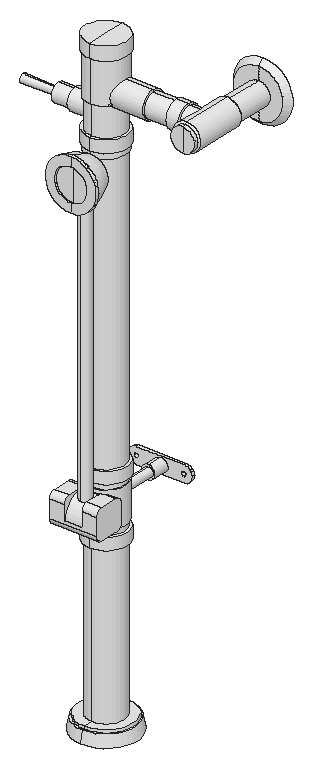
Revit family "Bedpan_Washer-American_Standard-Straight-6047.860_6047.820", category Plumbing Fixtures, Revit 2014
Parameters (values of type "6047.820.002")
  Width = 1 1/2"
  Waste Connection = no
  Warranty Information = "1 Year Limited Warranty"
  WFU = 0
  Vent Connection = no
  URL = "http://www.americanstandard-us.com/"
  Revised Date = "01/18/2017"
  Product Page URL = "https://www.americanstandard-us.com/bathroom/commercial-flushometers/bedpan-washer-kit-with-straight-down-tube-128-gpf-23085"
  Product Documentation Link = "https://www.americanstandard-us.com/-/media/sites/asus/files/product-specs/bulk/specsheet6047820.pdf?la=en"
  Price = "Prices may vary. Please consult Manufacturer Representative for most up-to-date price list."  # constant formula
  Model = "6047.820.002"
  Material = "Metal-American Standard-002-Polished Chrome"
  Manufacturer = "American Standard"
  Length = 3"
  Installation Type = "Surface Mounted"
  Height = 26 3/8"
  HWFU = 0
  HW Connection = no
  Flush Rate = "1.28 gpf"
  Description = "Bedpan Washer Diverted Assembly Kit Straight."
  Default Elevation = 0"
  Creation Date = "16/04/2014"
  Cold Water Connection Width = 4 1/4"
  Cold Water Connection Radius = 1/2"
  Cold Water Connection Height = 24 3/8"
  Cold Water Connection Diameter = Cold Water Connection Radius * 2  # 1"
  CWFU = 10
  CW Connection = yes
Types (3): name | Product Page URL | Product Documentation Link | Model | Flush Rate
  (no name) | "https://www.americanstandard-us.com/bathroom/commercial-flushometers/bedpan-washer-kit-with-straight-down-tube-128-gpf-23085" | "https://www.americanstandard-us.com/-/media/sites/asus/files/product-specs/bulk/specsheet6047820.pdf?la=en" | "6047.820.002" | "1.28 gpf"
  6047.820.002 | "https://www.americanstandard-us.com/bathroom/commercial-flushometers/bedpan-washer-kit-with-straight-down-tube-128-gpf-23085" | "https://www.americanstandard-us.com/-/media/sites/asus/files/product-specs/bulk/specsheet6047820.pdf?la=en" | "6047.820.002" | "1.28 gpf"
  6047.860.002 | "https://www.americanstandard-us.com/bathroom/commercial-flushometers/bedpan-washer-kit-with-straight-down-tube-16-gpf-23081" | "https://www.americanstandard-us.com/-/media/sites/asus/files/product-specs/bulk/specsheet6047860.pdf?la=en" | "6047.860.002" | "1.6 gpf"
Reference planes (in)
  plane 1 "Center (Front/Back)": y = 0
  plane 2: z = 0
  plane 3 "Center (Left/Right)": x = 0
  plane 4: z = 8.75
  plane 5: z = 22.8125
  plane 6: z = 21.4375
  plane 7: z = 24.375
  plane 8: z = 26.375
  plane 9: x = 4.25
  plane 10: y = 3
  plane 11: y = -0.75
  plane 12: y = 0.75
  plane 13: x = 3
  plane 14: x = 3.5
  plane 15: x = 2
  plane 16: y = 1.11477
  plane 17: y = -1.25
  plane 18: y = -1.0245
  plane 19: y = -1.10054
  plane 20: y = 1.19081
  plane 21: y = 2.89526
  plane 22: z = 8.46389
Forms (in)
  Revolve 1, solid, material "Metal-American Standard-002-Polished Chrome"
    sketch origin (0, 8.125, 0) x (0, 1, 0) y (0, 0, 1)
      loop
        line (-9.21875, 8.43821) -> (-8.96875, 8.43821) -> (-8.96875, 21.4375) -> (-9.21875, 21.4375) -> (-9.21875, 8.43821)
      axis (-9.21875, 8.43821) -> (-9.21875, 21.4375)
    angle from 0 to 360
  Extrusion 2, solid, material "Metal-American Standard-002-Polished Chrome"
    sketch origin (-1, 8.125, 0) x (0, 1, 0) y (0, 0, 1)
      loop
        line (-8.59375, 8.375) -> (-8.59375, 9.125)
        arc (-8.59375, 9.125) -> (-8.66697, 9.30178) -> (-8.84375, 9.375) r 0.25
        line (-8.84375, 9.375) -> (-9.59375, 9.375)
        arc (-9.59375, 9.375) -> (-9.77053, 9.30178) -> (-9.84375, 9.125) r 0.25
        line (-9.84375, 9.125) -> (-9.84375, 8.375)
        arc (-9.84375, 8.375) -> (-9.77053, 8.19822) -> (-9.59375, 8.125) r 0.25
        line (-9.59375, 8.125) -> (-8.84375, 8.125)
        arc (-8.84375, 8.125) -> (-8.66697, 8.19822) -> (-8.59375, 8.375) r 0.25
    from 0 to 2
  Revolve 3, solid, material "Metal-American Standard-002-Polished Chrome"
    sketch origin (0, 8.125, 0) x (0, 1, 0) y (0, 0, 1)
      loop
        line (-8.96875, 21.4375) -> (-8.96875, 22.1875)
        arc (-8.96875, 22.1875) -> (-9.39804, 22.38171) -> (-9.85173, 22.50888) r 3.11198
        line (-9.85173, 22.50888) -> (-9.97673, 22.50888) -> (-9.97673, 22.12833) -> (-9.90571, 22.12833) -> (-9.90571, 21.4375) -> (-8.96875, 21.4375)
      axis (-9.97673, 21.4375) -> (-8.96875, 21.4375)
    angle from 0 to 360
  Extrusion 4, void
    sketch origin (-0.375, 8.125, 0) x (0, 1, 0) y (0, 0, 1)
      loop
        line (-8.96875, 9.375) -> (-9.59375, 9.375)
        arc (-9.59375, 9.375) -> (-9.77053, 9.30178) -> (-9.84375, 9.125) r 0.25
        line (-9.84375, 9.125) -> (-9.84375, 8.5)
        arc (-9.84375, 8.5) -> (-9.58747, 9.11872) -> (-8.96875, 9.375) r 0.875
    from 0 to 0.75
  Revolve 5, solid, material "Metal-American Standard-002-Polished Chrome"
    sketch origin (0, 0, -0.11719) x (1, 0, 0) y (0, 0, 1)
      loop
        line (0, 23.5625) -> (0, 24) -> (-1.29053, 24) -> (-1.29053, 23.9375) -> (-2, 23.9375) -> (-2, 23.76563) -> (-2.02532, 23.71133) -> (-3.5, 23.73707) -> (-3.5, 23.5625) -> (0, 23.5625)
      axis (-3.5, 23.5625) -> (0, 23.5625)
    angle from 0 to 360
  Revolve 6, solid, material "Metal-American Standard-002-Polished Chrome"
    sketch origin (0, 0, 0) x (1, 0, 0) y (0, 0, 1)
      loop
        line (0, 24.375) -> (0, 23.8125) -> (2, 23.8125) -> (2, 23.875) -> (3, 23.875) -> (3, 23.8125) -> (3.5, 23.8125) -> (3.5, 23.875) -> (4.25, 23.875) -> (4.25, 24.375) -> (0, 24.375)
      axis (0, 24.375) -> (4.25, 24.375)
    angle from 0 to 360
  Revolve 7, solid, material "Metal-American Standard-002-Polished Chrome"
    sketch origin (4.25, -180, 25.625) x (0, 0, 1) y (0, -1, 0)
      loop
        line (-1.25, -178.75) -> (-1.25, -183) -> (0, -183) -> (-0.20245, -182.75) -> (-0.75, -182.75) -> (-0.75, -181.19081) -> (-0.67396, -181.11477) -> (-0.67396, -178.9755) -> (-0.75, -178.89946) -> (-0.75, -178.75) -> (-1.25, -178.75)
      axis (-1.25, -178.75) -> (-1.25, -183)
    angle from 0 to 360
  Revolve 8, solid, material "Metal-American Standard-002-Polished Chrome"
    sketch origin (0, 8.125, 0) x (0, 1, 0) y (0, 0, 1)
      loop
        line (-8.125, 0) -> (-6.8125, 0) -> (-6.89932, 0.4924) -> (-6.98091, 0.4924) -> (-6.98091, 0.6174) -> (-7.375, 0.6174) -> (-7.375, 7.25) -> (-7.25, 7.25) -> (-7.25, 7.75) -> (-7.375, 7.75) -> (-7.375, 8) -> (-7.3125, 8) -> (-7.3125, 9.5) -> (-7.375, 9.5) -> (-7.375, 9.75) -> (-7.25, 9.75) -> (-7.25, 10.25) -> (-7.375, 10.25) -> (-7.375, 22.0625) -> (-7.3125, 22.0625) -> (-7.3125, 22.3125) -> (-7.25, 22.3125) -> (-7.25, 22.8125) -> (-7.375, 22.8125) -> (-7.375, 24.0625) -> (-7.3125, 24.0625) -> (-7.3125, 25.8125) -> (-7.25, 25.8125) -> (-7.25, 26.375) -> (-8.125, 26.375) -> (-8.125, 0)
      axis (-8.125, 26.375) -> (-8.125, 0)
    angle from 0 to 360
  Revolve 9, solid, material "Metal-American Standard-002-Polished Chrome"
    sketch origin (0, -180, 25.625) x (0, 0, 1) y (0, -1, 0)
      loop
        line (-16.875, -183) -> (-16.875, -180) -> (-17.06278, -180) -> (-17.06278, -182.25) -> (-17.16111, -182.25) -> (-17.16111, -183) -> (-16.875, -183)
      axis (-16.875, -180) -> (-16.875, -183)
    angle from 0 to 360
  Extrusion 10, solid, material "Metal-American Standard-002-Polished Chrome"
    sketch origin (0, 0, 0) x (1, 0, 0) y (0, 0, 1)
      loop
        arc (-1, 9.09117) -> (-1.34117, 8.75) -> (-1, 8.40883) r 0.34117
        line (-1, 8.40883) -> (1, 8.40883)
        arc (1, 8.40883) -> (1.34117, 8.75) -> (1, 9.09117) r 0.34117
        line (1, 9.09117) -> (-1, 9.09117)
      loop
        circle (1, 8.75) r 0.09375
      loop
        circle (-1, 8.75) r 0.09375
    from -3 to -2.89526
Cuts and joins
  Extrusion 4 cuts Extrusion 2
  joined: Revolve 8, Revolve 9
Lines and regions (in)
  Masking region 1
    outline origin (0, 0, 0) x (1, 0, 0) y (0, 1, 0)
      loop
        line (-1.07148, -1.85173) -> (1.07148, -1.85173) -> (1.07148, -1.72673)
        arc (1.07148, -1.72673) -> (1.03939, -1.58051) -> (1, -1.43608) r 2.98195
        line (1, -1.43608) -> (1, -0.85009)
        arc (1, -0.85009) -> (1.10235, -0.71238) -> (1.18585, -0.5625) r 1.3125
        line (1.18585, -0.5625) -> (2, -0.5625) -> (2, -0.4999) -> (3, -0.4999) -> (3, -0.5625) -> (3.5, -0.5625) -> (3.5, -0.4999) -> (3.67396, -0.4999) -> (3.67396, -1.0245) -> (3.75, -1.10054) -> (3.75, -1.25) -> (4.75, -1.25) -> (4.75, -1.10054) -> (4.82604, -1.0245) -> (4.82604, 1.11477) -> (4.75, 1.19081) -> (4.75, 2.75) -> (5.29755, 2.75) -> (5.5, 3) -> (3, 3) -> (3.20245, 2.75) -> (3.75, 2.75) -> (3.75, 1.19081) -> (3.67396, 1.11477) -> (3.67396, 0.5) -> (3.5, 0.5) -> (3.5, 0.5625) -> (3, 0.5625) -> (3, 0.5) -> (2, 0.5) -> (2, 0.5625) -> (1.18585, 0.5625)
        arc (1.18585, 0.5625) -> (0.77931, 1.05609) -> (0.18778, 1.299) r 1.3125
        line (0.18778, 1.299) -> (0.18778, 2.25) -> (0.28611, 2.25) -> (0.28611, 2.89526) -> (1.34117, 2.89526) -> (1.34117, 3) -> (-1.34117, 3) -> (-1.34117, 2.89526) -> (-0.28611, 2.89526) -> (-0.28611, 2.25) -> (-0.18778, 2.25) -> (-0.18778, 1.299)
        arc (-0.18778, 1.299) -> (-0.83268, 1.01455) -> (-1.23744, 0.4375) r 1.3125
        line (-1.23744, 0.4375) -> (-1.29053, 0.4375) -> (-1.29053, 0.375) -> (-2, 0.375) -> (-2, 0.20312) -> (-2.02532, 0.14883)
        arc (-2.02532, 0.14883) -> (-2.76269, 0.16014) -> (-3.5, 0.17457) r 175.10878
        line (-3.5, 0.17457) -> (-3.5, -0.17457)
        arc (-3.5, -0.17457) -> (-2.76263, -0.16329) -> (-2.02532, -0.14883) r 170.58581
        line (-2.02532, -0.14883) -> (-2, -0.20313) -> (-2, -0.375) -> (-1.29053, -0.375) -> (-1.29053, -0.4375) -> (-1.23744, -0.4375)
        arc (-1.23744, -0.4375) -> (-1.13758, -0.65465) -> (-1, -0.85009) r 1.3125
        line (-1, -0.85009) -> (-1, -1.43608)
        arc (-1, -1.43608) -> (-1.03939, -1.58051) -> (-1.07148, -1.72673) r 2.98195
        line (-1.07148, -1.72673) -> (-1.07148, -1.85173)
  symbolic lines, detail levels medium+fine
    curve 1: line (-1.29053, 0.375, 0) -> (-1.29053, -0.375, 0)
    curve 2: line (-2, 0.20312, 0) -> (-2, -0.20313, 0)
    curve 3: line (2, -0.5, 0) -> (2, 0.5, 0)
    curve 4: line (3, -0.5, 0) -> (3, 0.5, 0)
    curve 5: line (3.5, -0.5, 0) -> (3.5, 0.5, 0)
    curve 6: line (3.75, 2.75, 0) -> (4.75, 2.75, 0)
    curve 7: line (0.18778, 2.25, 0) -> (-0.18778, 2.25, 0)
    curve 8: circle (0, 0, 0) r 0.875 normal (0, 0, 1)
    curve 14: arc (-1, -1.45094, 0) -> (-0.89282, -1.14001, 0) -> (-0.75, -0.84375, 0) r 2.8068
    curve 15: line (-0.75, -0.84375, 0) -> (-0.23176, -0.84375, 0)
    curve 16: line (0.75, -0.84375, 0) -> (0.23176, -0.84375, 0)
    curve 17: arc (0.75, -0.84375, 0) -> (0.89195, -1.1364, 0) -> (1, -1.44318, 0) r 2.88101
    curve 21: line (1.18585, 0.5625, 0) -> (0.67024, 0.5625, 0)
    curve 22: line (1.18585, -0.5625, 0) -> (0.67024, -0.5625, 0)
    curve 23: line (-1.23744, -0.4375, 0) -> (-0.75777, -0.4375, 0)
    curve 24: line (-1.23744, 0.4375, 0) -> (-0.75777, 0.4375, 0)
    curve 25: line (0.18778, 1.299, 0) -> (0.18778, 0.85461, 0)
    curve 26: line (-0.18778, 1.299, 0) -> (-0.18778, 0.85461, 0)
  symbolic lines, detail levels fine
    curve 9: line (3.67396, 1.11477, 0) -> (4.82604, 1.11477, 0)
    curve 10: line (4.75, 1.19081, 0) -> (3.75, 1.19081, 0)
    curve 11: line (3.67396, -1.0245, 0) -> (4.82604, -1.0245, 0)
    curve 12: line (4.75, -1.10054, 0) -> (3.75, -1.10054, 0)
    curve 13: line (-0.28611, 2.89526, 0) -> (0.28611, 2.89526, 0)
    curve 18: line (1.07248, -1.72673, 0) -> (-1.07121, -1.72673, 0)
    curve 19: arc (-0.18778, 1.12857, 0) -> (-0.71193, 0.8956, 0) -> (-1.05713, 0.4375, 0) r 1.14409
    curve 20: arc (0.99626, 0.5625, 0) -> (0.6562, 0.9372, 0) -> (0.18778, 1.12857, 0) r 1.14409
    curve 27: line (-2.02532, 0.14883, 0) -> (-2.02532, -0.14883, 0)
    curve 28: line (-1, -0.46875, 0) -> (-0.73885, -0.46875, 0)
    curve 29: line (-1, -0.46875, 0) -> (-1, -0.85009, 0)
    curve 30: line (1, -0.8533, 0) -> (1, -0.5625, 0)
    curve 31: arc (-1.05713, -0.4375, 0) -> (-1.03027, -0.49748, 0) -> (-1, -0.55582, 0) r 1.14409
    curve 32: arc (1.08898, -0.5625, 0) -> (1.04704, -0.63716, 0) -> (1, -0.70872, 0) r 1.22568
    curve 33: arc (-1, -0.70872, 0) -> (-1.08101, -0.57767, 0) -> (-1.14493, -0.4375, 0) r 1.22568
Dimensions and locks (in)
  plane 4 to plane 2 = 8 3/4"
  plane 5 to plane 4 = 14 1/16"
  "Cold Water Connection Height": plane 7 to plane 2
  "Height": plane 8 to plane 2
  "Cold Water Connection Width": plane 9 to plane 3 "Center (Left/Right)"
  plane 6 to plane 4 = 12 11/16"
  "Width": plane 12 to plane 11
  plane 9 to plane 14 to plane 13 = 3/4" locked, 1/2" locked
  locked: plane 15 to plane 3 "Center (Left/Right)" at 2
  "Length": plane 10 to plane 1 "Center (Front/Back)"
  plane 20 to plane 16 to plane 1 "Center (Front/Back)" to plane 18 to plane 19 to plane 17 = 0.07604" locked, 1.11477" locked, 1.0245" locked, 0.07604" locked, 0.14946" locked
  locked: plane 10 to plane 21 at 0.10474
  aligned and locked: Revolve 7 sketch curve to plane 7
  aligned and locked: plane 13 to Revolve 6 sketch curve
  aligned and locked: Revolve 6 sketch curve to plane 14
  aligned and locked: Revolve 6 sketch curve to plane 15
  aligned and locked: plane 3 "Center (Left/Right)" to Revolve 6 sketch curve
  aligned and locked: plane 17 to Revolve 7 sketch curve
  aligned and locked: plane 16 to Revolve 7 sketch curve
  aligned and locked: plane 20 to Revolve 7 sketch curve
  aligned and locked: plane 18 to Revolve 7 sketch curve
  aligned and locked: plane 19 to Revolve 7 sketch curve
  aligned and locked: plane 10 to Extrusion 10
  aligned and locked: Extrusion 10 to plane 21
  aligned and locked: Revolve 9 sketch curve to plane 1 "Center (Front/Back)"
  aligned and locked: plane 22 to Revolve 9 sketch curve
  aligned and locked: plane 10 to Revolve 9 sketch curve
  aligned and locked: Masking region 1 sketch curve to Revolve 3
  aligned and locked: cut or joined group of Extrusion 2, Extrusion 4 to Masking region 1 sketch curve
  aligned and locked: Masking region 1 sketch curve to cut or joined group of Revolve 8, Revolve 9  (x4)
  aligned and locked: Revolve 5 to Masking region 1 sketch curve  (x2)
  aligned and locked: Masking region 1 sketch curve to Revolve 5  (x3)
  aligned and locked: cut or joined group of Revolve 8, Revolve 9 to Masking region 1 sketch curve
  aligned and locked: Masking region 1 sketch curve to Extrusion 10  (x2)
  aligned and locked: Masking region 1 sketch curve to Masking region 1 sketch curve
  aligned and locked: Revolve 6 to Masking region 1 sketch curve  (x2)
  aligned and locked: Masking region 1 sketch curve to Revolve 7  (x3)
  aligned and locked: Masking region 1 sketch curve to Revolve 6  (x3)
  aligned and locked: Revolve 7 to Masking region 1 sketch curve
  aligned and locked: Revolve 5 to curve 1
  aligned and locked: Revolve 5 to curve 2
  aligned and locked: curve 3 to Revolve 6
  aligned and locked: curve 4 to Revolve 6
  aligned and locked: curve 5 to Revolve 6
  aligned and locked: Revolve 7 to curve 6
  aligned and locked: cut or joined group of Revolve 8, Revolve 9 to curve 7
  aligned and locked: curve 8 to cut or joined group of Revolve 8, Revolve 9
  aligned and locked: Extrusion 10 to curve 13
  aligned and locked: curve 19 to cut or joined group of Revolve 8, Revolve 9
  aligned and locked: curve 20 to cut or joined group of Revolve 8, Revolve 9
  aligned and locked: curve 31 to cut or joined group of Revolve 8, Revolve 9
  aligned and locked: curve 32 to cut or joined group of Revolve 8, Revolve 9
  aligned and locked: curve 33 to cut or joined group of Revolve 8, Revolve 9
Automatic sketch dimensions
  Revolve 1 sketch curve to plane 6 = 0"
  plane 11 to Revolve 1 sketch curve = 11/32"
  plane 11 to Revolve 1 sketch curve = 3/32"
  Revolve 1 sketch curve to plane 4 = 0.31179"
  Revolve 1 sketch curve to Revolve 1 sketch curve = 0"
  plane 6 to Revolve 1 sketch curve = 1/4"
  Revolve 1 sketch curve to Revolve 1 sketch curve = 0.35905"
  Extrusion 2 sketch curve to plane 4 = 3/8"
  plane 11 to Extrusion 2 sketch curve = 31/32"
  Extrusion 2 sketch curve to Extrusion 2 sketch curve = 1/4"  (x3)
  Extrusion 2 sketch curve to plane 11 = 1/32"  (x2)
  plane 4 to Extrusion 2 sketch curve = 3/8"
  plane 4 to Extrusion 4 sketch curve = 3/8"
  plane 11 to Extrusion 4 sketch curve = 31/32"
  Extrusion 4 sketch curve to Extrusion 4 sketch curve = 1/4"
  plane 11 to Extrusion 4 sketch curve = 3/32"
  Extrusion 4 sketch curve to plane 4 = 1/4"
  Extrusion 4 sketch curve to Extrusion 4 sketch curve = 0"  (x3)
  Revolve 5 sketch curve to plane 3 "Center (Left/Right)" = 0"
  Revolve 5 sketch curve to plane 7 = 71/128"
  Revolve 5 sketch curve to plane 3 "Center (Left/Right)" = 1.29053"
  Revolve 5 sketch curve to plane 7 = 93/128"
  Revolve 5 sketch curve to Revolve 5 sketch curve = 0.70947"
  Revolve 5 sketch curve to plane 7 = 0.78086"
  Revolve 5 sketch curve to Revolve 5 sketch curve = 0.02532"
  Revolve 5 sketch curve to Revolve 5 sketch curve = 1.47468"
  plane 5 to Revolve 5 sketch curve = 81/128"
  Revolve 5 sketch curve to Revolve 5 sketch curve = 0.17457"
  Revolve 5 sketch curve to Revolve 5 sketch curve = 1/16"
  plane 3 "Center (Left/Right)" to Revolve 5 sketch curve = 0.13236"
  Revolve 5 sketch curve to Revolve 5 sketch curve = 0.84457"
  Revolve 5 sketch curve to Revolve 5 sketch curve = 0"
  Revolve 6 sketch curve to plane 9 = 0"
  Revolve 6 sketch curve to plane 7 = 0"  (x2)
  Revolve 6 sketch curve to plane 7 = 1/2"
  Revolve 6 sketch curve to Revolve 6 sketch curve = 1/2"
  Revolve 6 sketch curve to Revolve 6 sketch curve = 1/16"
  Revolve 6 sketch curve to Revolve 6 sketch curve = 9/16"
  Revolve 6 sketch curve to Revolve 6 sketch curve = 0.3017"
  Revolve 6 sketch curve to Revolve 6 sketch curve = 0.20826"
  Revolve 7 sketch curve to plane 7 = 0"
  Revolve 7 sketch curve to plane 10 = 0"
  plane 7 to Revolve 7 sketch curve = 1/2"  (x2)
  Revolve 7 sketch curve to Revolve 7 sketch curve = 0.07604"
  Revolve 7 sketch curve to plane 10 = 1/4"
  Revolve 7 sketch curve to Revolve 7 sketch curve = 0.54755"
  Revolve 7 sketch curve to Revolve 7 sketch curve = 0.20245"
  Revolve 7 sketch curve to Revolve 7 sketch curve = 1/4"
  Revolve 7 sketch curve to Revolve 7 sketch curve = 0.32308"
  Revolve 8 sketch curve to level = 0"
  Revolve 8 sketch curve to plane 1 "Center (Front/Back)" = 0"  (x2)
  Revolve 8 sketch curve to plane 12 = 0"  (x5)
  Revolve 8 sketch curve to plane 5 = 0"
  Revolve 8 sketch curve to plane 8 = 0"
  Revolve 8 sketch curve to Revolve 8 sketch curve = 1/16"  (x5)
  Revolve 8 sketch curve to Revolve 8 sketch curve = 1/8"  (x3)
  Revolve 8 sketch curve to Revolve 8 sketch curve = 0.39409"
  Revolve 8 sketch curve to Revolve 8 sketch curve = 0.08159"
  Revolve 8 sketch curve to Revolve 8 sketch curve = 0.08682"
  level to Revolve 8 sketch curve = 0.4924"
  Revolve 8 sketch curve to plane 4 = 1 1/2"
  Revolve 8 sketch curve to Revolve 8 sketch curve = 1/2"  (x2)
  Revolve 8 sketch curve to Revolve 8 sketch curve = 1/4"  (x3)
  plane 4 to Revolve 8 sketch curve = 3/4"
  plane 6 to Revolve 8 sketch curve = 5/8"
  Revolve 8 sketch curve to plane 7 = 5/16"
  Revolve 8 sketch curve to Revolve 8 sketch curve = 9/16"
  Revolve 8 sketch curve to level = 1"
  Revolve 8 sketch curve to Revolve 8 sketch curve = 1 1/2"
  Revolve 9 sketch curve to plane 4 = 0"  (x2)
  Revolve 9 sketch curve to plane 10 = 0"
  Revolve 9 sketch curve to plane 4 = 0.18778"
  Revolve 9 sketch curve to Revolve 9 sketch curve = 2 1/4"
  Extrusion 10 sketch curve to Extrusion 10 sketch curve = 0"  (x4)
  Extrusion 10 sketch curve to plane 4 = 0"
  plane 4 to Extrusion 10 sketch curve = 0.34117"
  Extrusion 10 sketch curve to plane 3 "Center (Left/Right)" = 1"
  plane 3 "Center (Left/Right)" to Extrusion 10 sketch curve = 1"
  Revolve 9 sketch curve to plane 21 = 0.64526"
  Revolve 3 sketch curve to plane 6 = 0"
  plane 11 to Revolve 3 sketch curve = 1.5874"
  Revolve 3 sketch curve to plane 5 = 0.30362"
  plane 11 to Revolve 3 sketch curve = 1.10173"
  Revolve 3 sketch curve to Revolve 3 sketch curve = 0.07102"
  Revolve 3 sketch curve to Revolve 3 sketch curve = 1/8"
  plane 11 to Revolve 3 sketch curve = 3/32"
  Revolve 3 sketch curve to plane 6 = 1.9801"
  Revolve 3 sketch curve to Revolve 3 sketch curve = 0.38054"
  Revolve 3 sketch curve to plane 11 = 0.08759"
  Revolve 3 sketch curve to Revolve 3 sketch curve = 1/4"
  plane 6 to Revolve 3 sketch curve = 0"
  Masking region 1 sketch curve to plane 3 "Center (Left/Right)" = 5.73976"
  plane 1 "Center (Front/Back)" to Masking region 1 sketch curve = 0.14883"
  Masking region 1 sketch curve to Masking region 1 sketch curve = 0.02532"  (x2)
  Masking region 1 sketch curve to plane 1 "Center (Front/Back)" = 0.14883"
  Masking region 1 sketch curve to plane 3 "Center (Left/Right)" = 1.34117"
  Masking region 1 sketch curve to Masking region 1 sketch curve = 0.0531"  (x2)
  Masking region 1 sketch curve to Masking region 1 sketch curve = 0.07148"  (x2)
  Masking region 1 sketch curve to plane 3 "Center (Left/Right)" = 0.28611"
  Masking region 1 sketch curve to Masking region 1 sketch curve = 0.09833"  (x2)
  plane 3 "Center (Left/Right)" to Masking region 1 sketch curve = 0.18778"
  plane 3 "Center (Left/Right)" to Masking region 1 sketch curve = 0.29338"
  Masking region 1 sketch curve to plane 12 = 3/16"
  Masking region 1 sketch curve to Masking region 1 sketch curve = 1.05506"
  Masking region 1 sketch curve to Masking region 1 sketch curve = 0.81415"
  Masking region 1 sketch curve to plane 9 = 1 1/4"
  Masking region 1 sketch curve to Masking region 1 sketch curve = 0.20245"  (x2)
  Masking region 1 sketch curve to plane 9 = 0.57604"
  Masking region 1 sketch curve to Masking region 1 sketch curve = 0.17396"
  Masking region 1 sketch curve to Masking region 1 sketch curve = 0.07604"  (x6)
  Masking region 1 sketch curve to plane 9 = 1/2"
  plane 9 to Masking region 1 sketch curve = 1/2"  (x2)
  Masking region 1 sketch curve to Masking region 1 sketch curve = 0.54755"
  Masking region 1 sketch curve to Masking region 1 sketch curve = 0.44095"  (x2)
  Masking region 1 sketch curve to Masking region 1 sketch curve = 1/8"  (x2)
  Masking region 1 sketch curve to Masking region 1 sketch curve = 0.14946"  (x2)
  Masking region 1 sketch curve to plane 11 = 3/16"  (x2)
  Masking region 1 sketch curve to Masking region 1 sketch curve = 0.0626"  (x2)
  Masking region 1 sketch curve to Masking region 1 sketch curve = 1/16"  (x4)
  Masking region 1 sketch curve to Masking region 1 sketch curve = 0.0543"  (x2)
  plane 1 "Center (Front/Back)" to Masking region 1 sketch curve = 0.17457"
  Masking region 1 sketch curve to plane 1 "Center (Front/Back)" = 0.17457"
  Masking region 1 sketch curve to plane 12 = 1/4"
  plane 12 to Masking region 1 sketch curve = 0.36477"  (x2)
  Masking region 1 sketch curve to Masking region 1 sketch curve = 0.29064"
  Masking region 1 sketch curve to Masking region 1 sketch curve = 0.28759"
  Masking region 1 sketch curve to Masking region 1 sketch curve = 0"  (x2)
  Masking region 1 sketch curve to Masking region 1 sketch curve = 0.58599"
  Masking region 1 sketch curve to Masking region 1 sketch curve = 0.18585"
  curve 17 to plane 3 "Center (Left/Right)" = 1.76708"
  curve 1 to curve 28 = 0.29053"
  curve 29 to curve 15 = 1/4"
  plane 3 "Center (Left/Right)" to curve 16 = 3/4"
  curve 16 to curve 14 = 0.9526"
  curve 15 to curve 33 = 0.13503"
  plane 1 "Center (Front/Back)" to curve 16 = 27/32"
  plane 11 to curve 14 = 1.45863"
  plane 11 to curve 17 = 1.49538"
  curve 31 to curve 29 = 0.08707"
  curve 27 to curve 2 = 0.02532"
  curve 1 to curve 23 = 0.0531"
  curve 1 to curve 24 = 0.0531"
  curve 23 to curve 33 = 0.0925"
  curve 17 to curve 18 = 0.69587"
  curve 24 to curve 19 = 0.1803"
  curve 18 to curve 14 = 0.07121"
  curve 13 to plane 3 "Center (Left/Right)" = 0.28611"
  curve 7 to plane 3 "Center (Left/Right)" = 0.18778"
  plane 12 to curve 26 = 0.10461"
  plane 12 to curve 25 = 0.10461"
  plane 3 "Center (Left/Right)" to curve 7 = 0.18778"
  plane 3 "Center (Left/Right)" to curve 13 = 0.28611"
  curve 21 to plane 12 = 3/16"
  curve 22 to plane 11 = 3/16"
  plane 11 to curve 30 = 0.1033"
  curve 16 to curve 30 = 1/4"
  curve 17 to curve 30 = 0"
  curve 17 to curve 18 = 0.07248"
  curve 20 to curve 21 = 0.1896"
  curve 32 to curve 22 = 0.09688"
  plane 11 to curve 11 = 0.2745"
  curve 5 to curve 11 = 0.17396"
  curve 9 to plane 9 = 0.57604"
  curve 11 to curve 12 = 0.07604"
  curve 9 to curve 10 = 0.07604"  (x2)
  curve 6 to plane 9 = 1/2"
  plane 9 to curve 10 = 1/2"
  plane 9 to curve 6 = 1/2"
  plane 9 to curve 12 = 1/2"
  curve 12 to curve 11 = 0.07604"  (x2)
  curve 10 to curve 9 = 0.07604"
  plane 11 to curve 29 = 0.10009"
  curve 18 to curve 14 = 0.27579"
  curve 5 to plane 11 = 1/4"
  curve 3 to plane 11 = 1/4"
  curve 4 to plane 11 = 1/4"
  curve 23 to curve 1 = 1/16"
  plane 1 "Center (Front/Back)" to curve 2 = 13/64"
  curve 2 to curve 27 = 0.0543"
  curve 27 to plane 1 "Center (Front/Back)" = 0.14883"
  curve 27 to curve 2 = 0.0543"
  curve 1 to curve 24 = 1/16"
  curve 4 to plane 12 = 1/4"
  curve 5 to plane 12 = 1/4"
  curve 3 to plane 12 = 1/4"
  plane 12 to curve 9 = 0.36477"
  curve 19 to curve 26 = 0.17043"
  curve 20 to curve 25 = 0.17043"
  radius of Extrusion 10 sketch curve = 3/32"  (x2)
Connectors (in)
  piping at (4.25, 3, 24.375), diameter 1, driven by "Cold Water Connection Radius", driven by "CWFU"
    settings: on Revolve 7, index 1, connector inside diameter 2", connector length 0", flow factor 0, pipe flow 0 GPM, pressure drop 0.00 psi, fitting loss kfactor 0, connector angle 0.00°, fixture units 10, engagement length 0", angle of deflection 0.00°, flow configuration 3, flow direction 1, fitting loss method 0, system type 20, joint type 0, gender type 0, connector reference index -1, connector utility 0, adjustable connector no, is connector primary yes, connector description "1\" I.P.S Supply Inlet"
